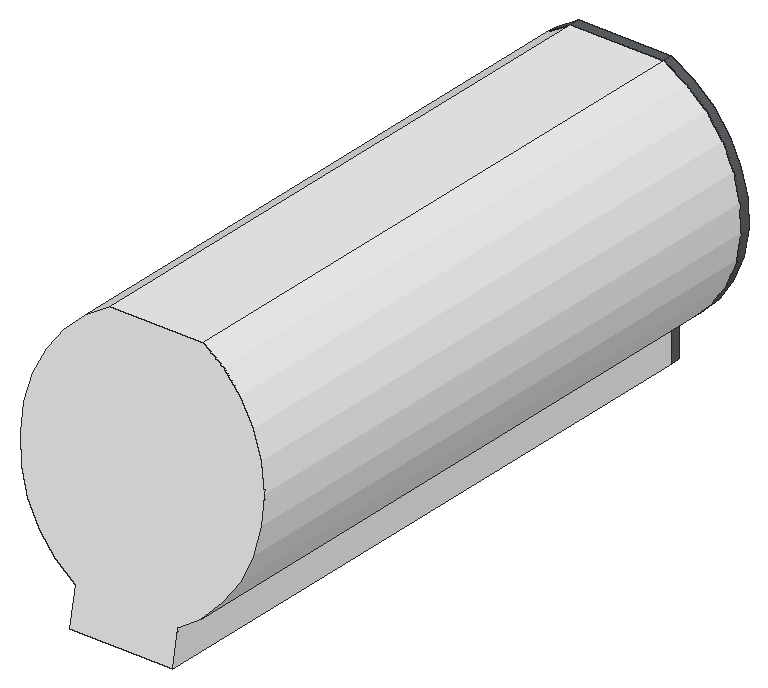
Revit family "KEUCO_14954010100", category Allgemeines Modell, Revit 2016
Family settings
  Teiletyp = Normal
  Kann Basisbauteil für Bewehrung sein = Nein
  Bemaßung runder Anschluss = Durchmesser verwenden
  Arbeitsebenenbasiert = Ja
  Immer vertikal = Nein
  Beim Laden mit Abzugskörper schneiden = Nein
  Gemeinsam genutzt = Nein
  Raumberechnungspunkt = Nein
Parameters (values of type "14954070100")
  Verwendung = "WP"  # constant formula
  URL = "https://www.keuco.com/de/produkte/sortiment/artikel/?pid=14954&oid=5&pgo=11&country=de&lang=de&vid=14954070100"
  Preisgruppe = ""
  Material Oben = Schwarzgrau
  Default Elevation = 1219.2 mm
  Serie = "Plan"  # constant formula
  Stange Material = Verchromt
  Rail Length = 851 mm
  Materialien bei Hersteller anfragen = "Anfrage zu:  objektmanagement@keuco.de"
  Kategorie = "ACC"  # constant formula
  Hersteller = "KEUCO"  # constant formula
  Gewicht = 2.718
  Beschreibung = "mit Kunststoff-Behälter und Pumpe\r\nFüllmenge: ca. 1,1 l\r\nDosiermenge: ca. 2,5 ml/Hub"
  Assembly Code = ""
  Ausschreibungstext = "KEUCO PLAN Lotionspender 14954070100 \r\nLotionspender aus hochwertigem Edelstahl, Wandmodell\r\nin ästhetischem, funktionalem Design \r\nleichtes Reinigen und leichtes Befüllen \r\ndiebstahlgesichert für Montage im öffentlichen Bereich \r\nFüllmenge ca. 1,1 l, für handelsübliche Flüssigseifen \r\nDosiermenge ca. 2,5 ml/Hub \r\nGrundkörperdurchmesser 104 mm, Höhe 271 mm , Ausladung 115 mm \r\nDer Lotionspender wird verdeckt angebracht.\r\nLieferung inkl. korrosionsfreiem Befestigungsmaterial\r\nZur Montage im Duschbereich bitte zusätzlich den Dichtungsdeckel\r\nArtikel-Nr. 14954 bestellen!"
  Artikelnummer = "14954070100"
Types (4, lengths in mm): name | URL | Stange Material | Materialien bei Hersteller anfragen | Beschreibung | Ausschreibungstext | Artikelnummer
  (no name) | "https://www.keuco.com" | Verchromt | "Request to:  objektmanagement@keuco.de" | "--" | "" | "14954010100\r\n14985010000"
  14954010100 | "https://www.keuco.com/de/produkte/sortiment/artikel/?pid=14954&oid=5&pgo=11&country=de&lang=de&vid=14954010100" | Verchromt | "Request to:  objektmanagement@keuco.de" | "mit Kunststoff-Behälter und Pumpe\r\nFüllmenge: ca. 1,1 l\r\nDosiermenge: ca. 2,5 ml/Hub" | "KEUCO PLAN Lotionspender 14954010100\r\nHochglanzverchromter Lotionspender, Wandmodell \r\nin ästhetischem, funktionalem Design \r\nleichtes Reinigen und leichtes Befüllen \r\ndiebstahlgesichert für Montage im öffentlichen Bereich \r\nFüllmenge ca. 1,1 l, für handelsübliche Flüssigseifen \r\nDosiermenge ca. 2,5 ml/Hub \r\nGrundkörperdurchmesser 104 mm, Höhe 271 mm , Ausladung 115 mm \r\nDer Lotionspender wird verdeckt angebracht.\r\nLieferung inkl. korrosionsfreiem Befestigungsmaterial\r\nZur Montage im Duschbereich bitte zusätzlich den Dichtungsdeckel\r\nArtikel-Nr. 14954 bestellen!" | "14954010100\r\n14985010000"
  14954170100 | "https://www.keuco.com/de/produkte/sortiment/artikel/?pid=14954&oid=5&pgo=11&country=de&lang=de&vid=14954170100" | Aluminium silber-eloxiert (E6 EV1) | "Request to:  objektmanagement@keuco.de" | "mit Kunststoff-Behälter und Pumpe\r\nFüllmenge: ca. 1,1 l\r\nDosiermenge: ca. 2,5 ml/Hub" | "KEUCO PLAN Lotionspender 14954170100 \r\nLotionspender aus silber-eloxiertem Aluminium (E6 EV1) \r\nWandmodell, in ästhetischem, funktionalem Design \r\nleichtes Reinigen und leichtes Befüllen \r\ndiebstahlgesichert für Montage im öffentlichen Bereich \r\nFüllmenge ca 1,1 l, für handelsübliche Flüssigseifen \r\nDosiermenge ca. 2,5 ml/Hub \r\nGrundkörperdurchmesser 104 mm, Höhe 271 mm , Ausladung 115 mm \r\nDer Lotionspender wird verdeckt angebracht\r\nLieferung inkl. korrosionsfreiem Befestigungsmaterial\r\nZur Montage im Duschbereich bitte zusätzlich den Dichtungsdeckel\r\nArtikel-Nr. 14954 bestellen!" | "14954170100\r\n14985010000"
  14954070100 | "https://www.keuco.com/de/produkte/sortiment/artikel/?pid=14954&oid=5&pgo=11&country=de&lang=de&vid=14954070100" | Verchromt | "Anfrage zu:  objektmanagement@keuco.de" | "mit Kunststoff-Behälter und Pumpe\r\nFüllmenge: ca. 1,1 l\r\nDosiermenge: ca. 2,5 ml/Hub" | "KEUCO PLAN Lotionspender 14954070100 \r\nLotionspender aus hochwertigem Edelstahl, Wandmodell\r\nin ästhetischem, funktionalem Design \r\nleichtes Reinigen und leichtes Befüllen \r\ndiebstahlgesichert für Montage im öffentlichen Bereich \r\nFüllmenge ca. 1,1 l, für handelsübliche Flüssigseifen \r\nDosiermenge ca. 2,5 ml/Hub \r\nGrundkörperdurchmesser 104 mm, Höhe 271 mm , Ausladung 115 mm \r\nDer Lotionspender wird verdeckt angebracht.\r\nLieferung inkl. korrosionsfreiem Befestigungsmaterial\r\nZur Montage im Duschbereich bitte zusätzlich den Dichtungsdeckel\r\nArtikel-Nr. 14954 bestellen!" | "14954070100"
Reference planes
  plane 1 "Center (Front/Back)": y = 0
  plane 2: z = 0
  plane 3 "Center (Left/Right)": x = 0
  plane 4: z = 115
  plane 5: x = -52
  plane 6: x = 52
  plane 7: y = 271
Forms (mm)
  Extrusion 1, solid, material "Verchromt" <- "Stange Material"
    sketch origin (-9.422, 492.17, 0) x (-1, 0, 0) y (0, 0, 1)
      loop
        line (-31.375, 0) -> (12.625, 0) -> (12.625, 15.635)
        arc (12.625, 15.635) -> (42.6, 65.64) -> (11.577, 115) r 55.718
        line (11.577, 115) -> (-28.059, 115)
        arc (-28.059, 115) -> (-61.162, 65.91) -> (-31.375, 14.741) r 55.711
        line (-31.375, 14.741) -> (-31.375, 0)
    from -492.17 to -225.17
  Extrusion 2, solid, material "Schwarzgrau" <- "Material Oben"
    sketch origin (-9.422, 379, 0) x (-1, 0, 0) y (0, 0, 1)
      loop
        arc (12.625, 15.635) -> (42.6, 65.64) -> (11.577, 115) r 55.718
        line (11.577, 115) -> (-28.059, 115)
        arc (-28.059, 115) -> (-61.162, 65.91) -> (-31.375, 14.741) r 55.711
        line (-31.375, 14.741) -> (-31.375, 0) -> (12.625, 0) -> (12.625, 15.635)
    from -112 to -108
  Extrusion 3, void
    sketch origin (0, 0, 0) x (0, 1, 0) y (0, 0, 1)
      loop
        line (-10, 115) -> (-10, 0) -> (0, 0) -> (20, 115) -> (-10, 115)
    from -173.081 to 183.216
Cuts and joins
  Extrusion 3 cuts Extrusion 1
Dimensions and locks
  plane 4 to level = 115 mm
  plane 5 to plane 3 "Center (Left/Right)" to plane 6 = 52 mm, 52 mm
  equal spacing: plane 5, plane 3 "Center (Left/Right)", plane 6
  plane 7 to plane 1 "Center (Front/Back)" = 271 mm
  aligned and locked: level to plane 2
  aligned and locked: Extrusion 1 to Extrusion 2
Automatic sketch dimensions
  Extrusion 3 sketch curve to plane 4 = 0 mm
  Extrusion 3 sketch curve to level = 0 mm
  Extrusion 3 sketch curve to plane 1 "Center (Front/Back)" = 0 mm
  plane 1 "Center (Front/Back)" to Extrusion 3 sketch curve = 10 mm
  Extrusion 3 sketch curve to plane 1 "Center (Front/Back)" = 20 mm
  Extrusion 2 sketch curve to level = 0 mm
  Extrusion 2 sketch curve to plane 4 = 0 mm
  plane 3 "Center (Left/Right)" to Extrusion 2 sketch curve = 21.953 mm
  plane 3 "Center (Left/Right)" to Extrusion 2 sketch curve = 18.637 mm
  plane 3 "Center (Left/Right)" to Extrusion 2 sketch curve = 3.693 mm
  Extrusion 2 sketch curve to plane 3 "Center (Left/Right)" = 3.94 mm
  Extrusion 2 sketch curve to plane 3 "Center (Left/Right)" = 20.998 mm
  Extrusion 2 sketch curve to plane 3 "Center (Left/Right)" = 22.047 mm
  level to Extrusion 2 sketch curve = 14.741 mm
  level to Extrusion 2 sketch curve = 15.635 mm
  Extrusion 1 sketch curve to level = 0 mm
  plane 3 "Center (Left/Right)" to Extrusion 1 sketch curve = 21.953 mm
  Extrusion 1 sketch curve to plane 3 "Center (Left/Right)" = 22.047 mm
  level to Extrusion 1 sketch curve = 14.741 mm
  level to Extrusion 1 sketch curve = 15.635 mm
  Extrusion 1 sketch curve to plane 4 = 0 mm
  plane 3 "Center (Left/Right)" to Extrusion 1 sketch curve = 3.693 mm
  Extrusion 1 sketch curve to Extrusion 1 sketch curve = 50.311 mm
  Extrusion 1 sketch curve to plane 3 "Center (Left/Right)" = 3.94 mm
  Extrusion 1 sketch curve to Extrusion 1 sketch curve = 0.983 mm
